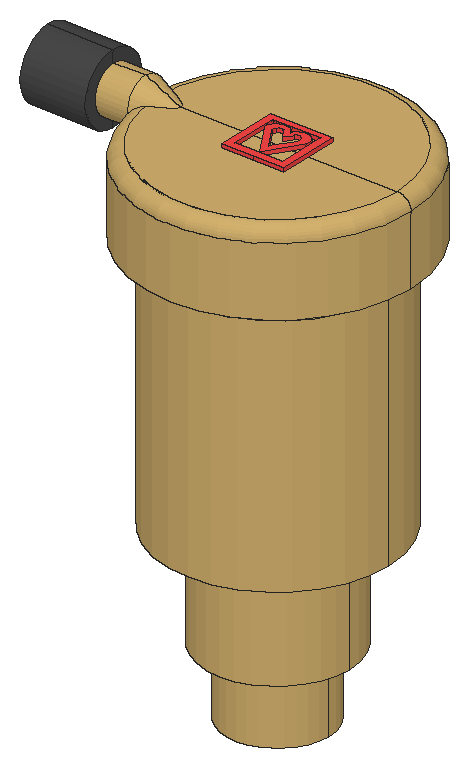
Revit family "Be- u. Entlüfter inkl. RV 2630 00 (01)", category Rohrzubehör, Revit 2020
Family settings
  Bemaßung runder Anschluss = Durchmesser verwenden
  Teiletyp = Normal
  OmniClass-Nummer = 23.65.55.14
  OmniClass-Titel = Valves for Liquid Services
  Arbeitsebenenbasiert = Nein
  Immer vertikal = Ja
  Beim Laden mit Abzugskörper schneiden = Nein
  Gemeinsam genutzt = Nein
Parameters
  Vorgabe-Ansicht = 0.000 mm
  URL = "www.herz-armaturen.at"
  Schwimmer = "Polypropylen"  # constant formula
  SW = 10.500 mm  # constant formula
  SCRNSEQ = "AWI;AWI_TYP=\"1013\";1"
  SCRNCODE = "05;14;01"  # constant formula
  S05 = 25.300 mm  # constant formula
  S04 = SW * 2  # 21.000 mm
  S03 = 11.000 mm  # constant formula
  S02 = 24.500 mm  # constant formula
  S01 = 59.000 mm  # constant formula
  Rückflussverhinderer = "Messing CW617N, EN 12165"  # constant formula
  R01 = 2.000 mm  # constant formula
  Nennweite AG [instance] = 15.000 mm
  Min.Betriebstemperatur = 0 °C  # constant formula
  Medium = "Heizungswasser nach ÖNORM H5195 oder VDI- Richtlinie 2035. Die Verwendung von Ethylen- oder Propyleneglykol in einem Mischungsverhältnis von 25 - 50% ist zulässig. EPDM-Dichtungen können durch Mineralöle und Schmiermittel beeinflusst werden, was zum Versagen der EPDM-Dichtungen führen kann. Bitte beachten Sie die Dokumentation des Herstellers, wenn Ethylenglykol-Produkte für den Frost- und Korrosionsschutz verwendet werden."
  Max.Strukturdruck = 1200000.0 Pa  # constant formula
  Max.Betriebstemperatur = 110 °C  # constant formula
  Max.Betriebsdruck = 800000.0 Pa  # constant formula
  L04 = L00 - L01  # 24.000 mm
  L03 = 13.500 mm  # constant formula
  L02 = 4.800 mm  # constant formula
  L01 = 9.500 mm  # constant formula
  L00 = 33.500 mm  # constant formula
  Hersteller = "Herz-Armaturen GmbH"  # constant formula
  H08 = 13.200 mm  # constant formula
  H06 = 25.300 mm  # constant formula
  H07 = 9.800 mm  # constant formula
  H05 = H00 - 1.000 mm  # 58.000 mm
  H04 = H03 - D03  # 57.900 mm
  H03 = 63.000 mm  # constant formula
  H02 = 9.500 mm  # constant formula
  H01 = 12.000 mm  # constant formula
  H00 = 59.000 mm  # constant formula
  Gehäuse = "geschmiedetes Messing nach EN 12165, CW617N"  # constant formula
  G1 [instance] = Nennweite AG / 2  # 7.500 mm
  G = 5.000 mm  # constant formula
  Dichtung = "NBR"  # constant formula
  Deckel = "geschmiedetes Messing nach EN 12165, CW617N"  # constant formula
  D07 = 11.500 mm  # constant formula
  D06 = 4.000 mm  # constant formula
  D05 = 0.800 mm  # constant formula
  D04 = 3.400 mm  # constant formula
  D03 = 5.100 mm  # constant formula
  D02 = 19.500 mm  # constant formula
  D01 = 16.200 mm  # constant formula
  Bestellnummer [instance] = if(Nennweite AG = 10.000 mm, 1263000, if(Nennweite AG = 15.000 mm, 1263001, 0))  # 1263001
  Aussengewindeanschluss = "nach ISO 228"  # constant formula
  Anwendungsgebiet = "Der automatische Schnellentlüfter wird in Heizungs- und Kühlungssysteme zur Entlüftung der Anlage verwendet. Das Ventil sollte in der Nähe des Boilers oder am höchsten Punkt der Anlage installiert werden, um eine garantierte Entlüftung der Anlage an die Umgebung zu gewährleisten."
  Abdeckkappe = "Polypropylen, Schwarz"  # constant formula
Reference planes
  plane 1 "Mitte (Vorne/hinten)": y = 0
  plane 2: z = 0
  plane 3 "Mitte (Links/rechts)": x = 0
Forms (mm)
  Revolve 1, solid, material "Messing", detail levels fine
    sketch origin (0, 0, 0) x (1, 0, 0) y (0, 0, 1)
      loop
        line (0, 0) -> (0, 59) -> (-17.5, 59)
        arc (-17.5, 59) -> (-18.914, 58.414) -> (-19.5, 57) r 2
        line (-19.5, 57) -> (-19.5, 47) -> (-18.2, 47)
        arc (-18.2, 47) -> (-16.786, 46.414) -> (-16.2, 45) r 2
        line (-16.2, 45) -> (-16.2, 9.5) -> (-5, 9.5) -> (-5, 0) -> (0, 0)
      axis (0, 59) -> (0, 0)
    angle from 0 to 360
  Revolve 2, solid, material "Kunststoff - schwarz", detail levels fine
    sketch origin (0, 0, 0) x (1, 0, 0) y (0, 0, 1)
      loop
        line (-33.5, 57.9) -> (-24, 57.9) -> (-24, 63) -> (-33.5, 63) -> (-33.5, 57.9)
      axis (-33.5, 57.9) -> (-24, 57.9)
    angle from 0 to 360
  Revolve 3, solid, material "Messing", detail levels fine
    sketch origin (0, 0, 0) x (1, 0, 0) y (0, 0, 1)
      loop
        line (-24, 57.9) -> (0, 57.9) -> (0, 58.7) -> (-13.5, 58.7) -> (-19.2, 61.3) -> (-24, 61.3) -> (-24, 57.9)
      axis (-24, 57.9) -> (0, 57.9)
    angle from 0 to 360
  Revolve 4, solid, material "Messing", detail levels fine
    sketch origin (0, 0, 0) x (1, 0, 0) y (0, 0, 1)
      loop
        line (-5, 9.5) -> (-11.5, 9.5) -> (-11.5, 7.2) -> (-10.5, 7.2) -> (-10.5, -6) -> (-7.5, -6) -> (-7.5, -15.8) -> (0, -15.8) -> (0, 0) -> (-5, 0) -> (-5, 9.5)
      axis (0, 9.5) -> (0, -15.8)
    angle from 0 to 360
Lines and regions (mm)
  model lines, detail levels coarse+medium
    curve 1: line (0, 0, 59) -> (11.455, 0, 47.545)
    curve 2: circle (0, 0, 34.5) r 11 normal (0, -1, 0)
    curve 3: line (-11.455, 0, 21.455) -> (0, 0, 10)
    curve 4: line (0, 0, 10) -> (11.455, 0, 21.455)
    curve 5: line (0, 0, 59) -> (0, 0, 45.5)
    curve 6: line (0, 0, 23.5) -> (0, 0, 9.5)
    curve 7: line (0, 0, 59) -> (-11.455, 0, 47.545)
    curve 8: line (-11.5, 0, 9.5) -> (9.5, 0, 9.5)
    curve 9: line (9.5, 0, 9.5) -> (-10.5, 0, -15.8)
    curve 10: line (-10.5, 0, -15.8) -> (10.5, 0, -15.8)
    curve 11: circle (-10.5, 0, -15.8) r 5 normal (0, -1, 0)
    curve 12: line (0, 0, 59) -> (0, -11.455, 47.545)
    curve 13: line (0, 0, 59) -> (0, 11.455, 47.545)
    curve 14: circle (0, 0, 34.5) r 11 normal (1, 0, 0)
    curve 15: line (0, 0, 10) -> (0, -11.455, 21.455)
    curve 16: line (0, 0, 10) -> (0, 11.455, 21.455)
    curve 18: line (0, -11.5, 9.5) -> (0, 9.5, 9.5)
    curve 19: line (0, 9.5, 9.5) -> (0, -10.5, -15.8)
    curve 20: line (0, -10.5, -15.8) -> (0, 10.5, -15.8)
    curve 21: circle (0, -10.5, -15.8) r 5 normal (1, 0, 0)
    curve 22: line (-9.5, 0, 0) -> (11.5, 0, 0)
    curve 23: line (-9.5, 0, 0) -> (9.5, 25.3, 0)
    curve 24: line (9.5, 25.3, 0) -> (-11.5, 25.3, 0)
    curve 25: circle (-9.5, 0, 0) r 5 normal (0, 0, 1)
    curve 26: line (0, 84.3, 0) -> (-11.455, 72.845, 0)
    curve 27: line (0, 84.3, 0) -> (11.455, 72.845, 0)
    curve 28: circle (0, 59.8, 0) r 11 normal (0, 0, 1)
    curve 29: line (0, 35.3, 0) -> (-11.455, 46.755, 0)
    curve 30: line (0, 35.3, 0) -> (11.455, 46.755, 0)
    curve 31: line (0, 84.3, 0) -> (0, 70.8, 0)
    curve 32: line (0, 48.8, 0) -> (0, 25.3, 0)
  model lines
    curve 17: line (0, 10.954, 33.496) -> (0, 10.954, 0)
Dimensions and locks
  "G": Revolve 1 sketch curve to Revolve 1 sketch curve
  "H00": Revolve 1 sketch curve to Revolve 1 sketch curve
  "D01": Revolve 1 sketch curve to Revolve 1 sketch curve
  "D02": Revolve 1 sketch curve to Revolve 1 sketch curve
  "H02": Revolve 1 sketch curve to Revolve 1 sketch curve
  "H01": Revolve 1 sketch curve to Revolve 1 sketch curve
  "D03": Revolve 2 sketch curve to Revolve 2 sketch curve
  "L01": Revolve 2 sketch curve to Revolve 2 sketch curve
  "L00": Revolve 2 sketch curve to plane 3 "Mitte (Links/rechts)"
  "D04": Revolve 3 sketch curve to Revolve 3 sketch curve
  "L02": Revolve 3 sketch curve to Revolve 3 sketch curve
  "L03": Revolve 3 sketch curve to plane 3 "Mitte (Links/rechts)"
  "L04": Revolve 3 sketch curve to plane 3 "Mitte (Links/rechts)"
  "D05": Revolve 3 sketch curve to Revolve 3 sketch curve
  "H03": Revolve 2 sketch curve to plane 2
  "H04": Revolve 3 sketch curve to plane 2
  "H05": nested 1 to plane 2
  "H06": Revolve 4 sketch curve to Revolve 4 sketch curve
  "G1": Revolve 4 sketch curve to Revolve 4 sketch curve
  "H02": Revolve 4 sketch curve to Revolve 4 sketch curve
  "G": Revolve 4 sketch curve to Revolve 4 sketch curve
  "D07": Revolve 4 sketch curve to Revolve 4 sketch curve
  "SW": Revolve 4 sketch curve to Revolve 4 sketch curve
  "H08": Revolve 4 sketch curve to Revolve 4 sketch curve
  "S01": curve 5 to plane 2
  "S02": curve 5 to curve 2 to curve 4
  "D01": curve 7 to curve 7
  "D01": curve 1 to curve 1
  "D01": curve 3 to curve 3
  "D01": curve 4 to curve 4
  "S04": curve 8 to curve 9
  "S05": curve 8 to curve 10
  "S04": curve 10 to curve 9
  "S01": curve 13 to plane 2
  "S02": curve 13 to curve 14 to curve 16
  "D01": curve 12 to curve 12
  "D01": curve 13 to curve 13
  "D01": curve 15 to curve 15
  "D01": curve 16 to curve 16
  "S04": curve 18 to curve 19
  "S04": curve 20 to curve 20
  "S05": curve 20 to curve 18
  "S04": curve 24 to curve 24
  "S04": curve 22 to curve 23
  "S05": curve 24 to curve 22
  "S01": curve 31 to curve 32
  "S02": curve 31 to curve 28 to curve 30
  "D01": curve 26 to curve 26
  "D01": curve 27 to curve 27
  "D01": curve 29 to curve 29
  "D01": curve 30 to curve 30
  "H07": Revolve 4 sketch curve to Revolve 4 sketch curve
  equal spacing: curve 10, plane 3 "Mitte (Links/rechts)", curve 10
  equal spacing: curve 20, plane 1 "Mitte (Vorne/hinten)", curve 20
  "R01": radius of Revolve 1 sketch curve  (x2)
  "S03": radius of curve 2
  "S03": radius of curve 14
  "S03": radius of curve 28
  angle curve 5 to curve 1 = 45.00°
  angle curve 7 to curve 5 = 45.00°
  angle curve 6 to curve 3 = 45.00°
  angle curve 4 to curve 6 = 45.00°
  angle curve 12 to plane 1 "Mitte (Vorne/hinten)" = 45.00°
  angle plane 1 "Mitte (Vorne/hinten)" to curve 13 = 45.00°
  angle plane 1 "Mitte (Vorne/hinten)" to curve 15 = 45.00°
  angle curve 16 to plane 1 "Mitte (Vorne/hinten)" = 45.00°
  angle curve 26 to curve 31 = 45.00°
  angle curve 31 to curve 27 = 45.00°
  angle curve 32 to curve 29 = 45.00°
  angle curve 30 to curve 32 = 45.00°
  aligned and locked: level to plane 2
Automatic sketch dimensions
  curve 16 to plane 1 "Mitte (Vorne/hinten)" = 0.000 mm
  curve 13 to plane 1 "Mitte (Vorne/hinten)" = 0.000 mm
  curve 14 to plane 1 "Mitte (Vorne/hinten)" = 0.000 mm
  curve 17 to level = 0.000 mm
  curve 21 to curve 19 = 0.000 mm
  curve 18 to plane 1 "Mitte (Vorne/hinten)" = 9.500 mm
  curve 21 to level = 15.800 mm
  curve 19 to curve 21 = 0.000 mm
  curve 17 to plane 1 "Mitte (Vorne/hinten)" = 10.954 mm
  curve 3 to plane 3 "Mitte (Links/rechts)" = 0.000 mm
  curve 5 to plane 3 "Mitte (Links/rechts)" = 0.000 mm
  curve 6 to plane 3 "Mitte (Links/rechts)" = 0.000 mm
  curve 2 to plane 3 "Mitte (Links/rechts)" = 0.000 mm
  curve 11 to curve 9 = 0.000 mm  (x2)
  plane 3 "Mitte (Links/rechts)" to curve 9 = 9.500 mm
  level to curve 8 = 9.500 mm
  plane 1 "Mitte (Vorne/hinten)" to curve 25 = 0.000 mm
  plane 1 "Mitte (Vorne/hinten)" to curve 22 = 0.000 mm
  curve 31 to plane 3 "Mitte (Links/rechts)" = 0.000 mm
  curve 32 to plane 3 "Mitte (Links/rechts)" = 0.000 mm
  curve 28 to plane 3 "Mitte (Links/rechts)" = 0.000 mm
  curve 29 to plane 3 "Mitte (Links/rechts)" = 0.000 mm
  curve 25 to plane 3 "Mitte (Links/rechts)" = 9.500 mm
  curve 22 to curve 25 = 0.000 mm
  plane 3 "Mitte (Links/rechts)" to curve 24 = 9.500 mm
  Revolve 1 sketch curve to level = 0.000 mm
  Revolve 1 sketch curve to plane 3 "Mitte (Links/rechts)" = 0.000 mm  (x2)
  Revolve 1 sketch curve to level = 2000.000 mm
  Revolve 1 sketch curve to Revolve 1 sketch curve = 1937.000 mm
  Revolve 2 sketch curve to Revolve 2 sketch curve = 0.000 mm  (x3)
  Revolve 3 sketch curve to plane 3 "Mitte (Links/rechts)" = 0.000 mm
  Revolve 3 sketch curve to Revolve 3 sketch curve = 0.212 mm
  Revolve 3 sketch curve to plane 3 "Mitte (Links/rechts)" = 0.539 mm
  Revolve 3 sketch curve to Revolve 3 sketch curve = 0.000 mm
  Revolve 4 sketch curve to level = 0.000 mm
  Revolve 4 sketch curve to plane 3 "Mitte (Links/rechts)" = 0.000 mm  (x2)
  Revolve 4 sketch curve to Revolve 4 sketch curve = 346.545 mm
  Revolve 4 sketch curve to Revolve 4 sketch curve = 2204.815 mm
  radius of curve 21 = 5.000 mm
  radius of curve 11 = 5.000 mm
  radius of curve 25 = 5.000 mm
Nested families
  nested 1: "Herz-Logo" at (0, 0, 58), type "Herz-Logo", detail levels fine
Connectors
  piping at (0, 0, -15.8), diameter 15, driven by "Nennweite AG"
    settings: on Revolve 4, index 1, connector inside diameter 609.6 mm, connector length 0.000 mm, flow factor 0, pipe flow 0.0 L/s, pressure drop 0.0 Pa, fitting loss kfactor 0, connector angle 0.00°, fixture units 0, engagement length 0.000 mm, angle of deflection 0.00°, flow configuration 0, flow direction 0, fitting loss method 0, system type 7, joint type 0, gender type 0, connector reference index -1, connector utility 0, adjustable connector no, is connector primary yes, connector description ""
Definition of nested family "Herz-Logo"
  Parameters (values of type "Herz-Logo")
    Default Elevation = 0.000 mm
  Reference planes
    plane 1 "Mitte (Vorne/hinten)": y = 0
    plane 2: z = 0
    plane 3 "Mitte (Links/rechts)": x = 0
  Forms (mm)
    Extrusion 1, solid
      sketch origin (0, 0, 0) x (1, 0, 0) y (0, 1, 0)
        loop
          line (-0.018, -4.517) -> (4.482, -4.517) -> (4.482, 4.483) -> (-4.518, 4.483) -> (-4.518, -4.517) -> (-0.018, -4.517)
        loop
          line (-0.05, -3.48) -> (3.482, -3.48) -> (3.482, 3.483) -> (-3.518, 3.483) -> (-3.518, -3.48) -> (-0.05, -3.48)
        loop
          arc (-0.018, 2.383) -> (-1.543, 3.287) -> (-3.067, 2.383) r 1.738
          arc (-3.067, 2.383) -> (-3.191, 1.899) -> (-3.067, 1.415) r 1.009
          line (-3.067, 1.415) -> (-0.018, -3.281) -> (3.032, 1.415)
          arc (3.032, 1.415) -> (3.156, 1.899) -> (3.032, 2.383) r 1.009
          arc (3.032, 2.383) -> (1.507, 3.287) -> (-0.018, 2.383) r 1.738
        loop
          arc (1.885, 1.272) -> (2.005, 1.675) -> (1.885, 2.079) r 0.74
          arc (1.885, 2.079) -> (1.265, 2.416) -> (0.644, 2.079) r 0.74
          line (0.644, 2.079) -> (-0.018, 0.97) -> (-0.679, 2.079)
          arc (-0.679, 2.079) -> (-1.3, 2.416) -> (-1.921, 2.079) r 0.74
          arc (-1.921, 2.079) -> (-2.04, 1.675) -> (-1.921, 1.272) r 0.74
          line (-1.921, 1.272) -> (-0.018, -1.658) -> (1.885, 1.272)
      from 0 to 1.5
  Dimensions and locks
    aligned and locked: level to plane 2
